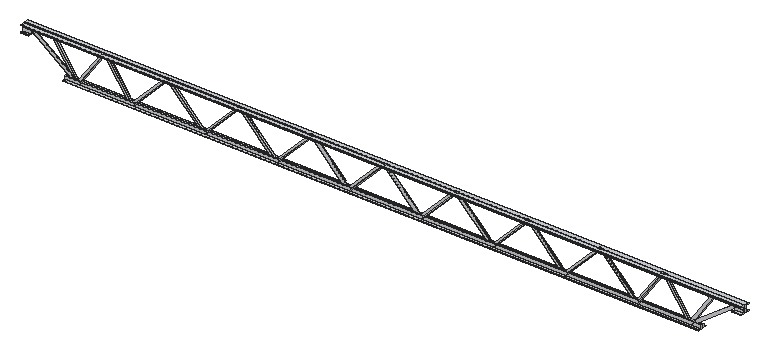
Revit family
Parameters (values of type "24LH05")
  가변 패널 [instance] = (Length - (끝 패널 * 2) - IntPanelArrayLength) / 2  # 915 mm
  시작 간격띄우기 [instance] = 0 mm
  시작 확장 [instance] = 0 mm
  M = 19
  웹 두께 = 25 mm
  좌석 길이 = 150 mm
  좌석 깊이 = 125 mm
  렌더링 재료 = none
  IntPanelWidth [instance] = 깊이 * 2  # 1220 mm
  IntPanelArrayNum [instance] = (PanelAreaLength / IntPanelWidth) - 2  # 7
  IntPanelArrayLength [instance] = IntPanelArrayNum * IntPanelWidth  # 8540 mm
  PanelAreaLength [instance] = Length - (끝 패널 * 2)  # 10370 mm
  끝 패널 = 1.5 * 깊이  # 915 mm
  끝 간격띄우기 [instance] = 0 mm
  끝 확장 [instance] = 0 mm
  현재 다리 = 63.5 mm
  현재 두께 = 12.5 mm
  Assembly Code = ""
  Length [instance] = 12200 mm
  깊이 = 610 mm
Types (3, lengths in mm): name | 가변 패널 | M | IntPanelWidth | IntPanelArrayNum | IntPanelArrayLength | PanelAreaLength | 끝 패널 | 깊이
  (no name) | 915 | 19 | 1220 | 7 | 8540 | 10370 | 915 | 610
  24LH05 | 915 | 19 | 1220 | 7 | 8540 | 10370 | 915 | 610
  40LH10 | 1528 | 31 | 2032 | 3 | 6096 | 9152 | 1524 | 1016
Reference planes
  plane 1 "중심(앞/뒤)": y = 0
  plane 2: z = 0
  plane 3 "중심(왼쪽/오른쪽)": x = 4.61
  plane 4 "왼쪽 부재": x = -3551.39
  plane 5 "오른쪽 부재": x = 3560.61
  plane 6: y = 76
  plane 7: y = -76
  plane 8: z = 305
  plane 9: z = -305
  plane 10 "왼쪽": x = -6095.39
  plane 11 "기호를 왼쪽에 부착": x = -3500.59
  plane 12 "기호를 오른쪽에 부착": x = 3509.81
  plane 13 "오른쪽": x = 6104.61
  plane 14: z = 180
  plane 15: x = -5945.39
  plane 16: x = -5180.39
  plane 17: x = -5380.39
  plane 18: x = 5954.61
  plane 19: x = 5189.61
  plane 20: y = 12.5
  plane 21: y = -12.5
  plane 22: z = 241.5
  plane 23: z = -241.5
  plane 24: x = 5389.61
  plane 25: x = -5562.89
  plane 26: x = -4265.39
  plane 27: x = 4274.61
  plane 28: x = 5572.11
  plane 29: z = -298.65
  plane 30: z = 298.65
  plane 31: x = -6095.39
  plane 32: x = 6104.61
  plane 33: x = -6095.39
  plane 34: x = 6104.61
Forms (mm)
  Extrusion 1, solid, material <- "렌더링 재료", detail levels medium+fine
    sketch origin (4.61, 0, 0) x (0, 1, 0) y (0, 0, 1)
      loop
        line (76, 305) -> (12.5, 305) -> (12.5, 241.5) -> (25, 241.5) -> (25, 292.5) -> (76, 292.5) -> (76, 305)
      loop
        line (-76, 305) -> (-76, 292.5) -> (-25, 292.5) -> (-25, 241.5) -> (-12.5, 241.5) -> (-12.5, 305) -> (-76, 305)
    from -6100 to 6100
  Extrusion 2, solid, material <- "렌더링 재료", detail levels medium+fine
    sketch origin (4.61, 0, 0) x (0, 1, 0) y (0, 0, 1)
      loop
        line (12.5, -241.5) -> (12.5, -305) -> (76, -305) -> (76, -292.5) -> (25, -292.5) -> (25, -241.5) -> (12.5, -241.5)
      loop
        line (-12.5, -241.5) -> (-25, -241.5) -> (-25, -292.5) -> (-76, -292.5) -> (-76, -305) -> (-12.5, -305) -> (-12.5, -241.5)
    from -5385 to 5385
  Extrusion 3, solid, material <- "렌더링 재료", detail levels medium+fine
    sketch origin (4.61, 0, 0) x (0, 1, 0) y (0, 0, 1)
      loop
        line (76, 180) -> (76, 192.5) -> (25, 192.5) -> (25, 241.5) -> (12.5, 241.5) -> (12.5, 180) -> (76, 180)
      loop
        line (-76, 180) -> (-12.5, 180) -> (-12.5, 241.5) -> (-25, 241.5) -> (-25, 192.5) -> (-76, 192.5) -> (-76, 180)
    from 5950 to 6100
  Extrusion 4, solid, material <- "렌더링 재료", detail levels medium+fine
    sketch origin (4.61, 0, 0) x (0, 1, 0) y (0, 0, 1)
      loop
        line (-76, 180) -> (-12.5, 180) -> (-12.5, 241.5) -> (-25, 241.5) -> (-25, 192.5) -> (-76, 192.5) -> (-76, 180)
      loop
        line (12.5, 180) -> (76, 180) -> (76, 192.5) -> (25, 192.5) -> (25, 241.5) -> (12.5, 241.5) -> (12.5, 180)
    from -6100 to -5950
  Sweep 5, solid, material <- "렌더링 재료", detail levels fine
    path in 3D
      loop
        line (5189.61, 0, -298.65) -> (5954.61, 0, 241.5)
    profile "웹-프로파일 : 웹-프로파일" origin (5572.11, 0, -28.575) x (-0.57679, 0, 0.816892) y (0, -1, 0)
      loop
        line (-25.4, 18.85) -> (-25.4, 6.15) -> (25.4, 6.15) -> (25.4, 18.85) -> (-25.4, 18.85)
  Sweep 6, solid, material <- "렌더링 재료", detail levels fine
    path in 3D
      loop
        line (5569.207, 0, 241.5) -> (5189.61, 0, -298.65)
    profile "웹-프로파일 : 웹-프로파일" origin (5379.409, 0, -28.575) x (0.818169, 0, -0.574978) y (0, -1, 0)
      loop
        line (-25.4, 6.35) -> (-25.4, -6.35) -> (25.4, -6.35) -> (25.4, 6.35) -> (-25.4, 6.35)
  Sweep 7, solid, material <- "렌더링 재료", detail levels fine
    path in 3D
      loop
        line (-5945.39, 0, 241.5) -> (-5180.39, 0, -298.65)
    profile "웹-프로파일 : 웹-프로파일" origin (-5562.89, 0, -28.575) x (0.57679, 0, 0.816892) y (0, -1, 0)
      loop
        line (-25.4, 6.35) -> (-25.4, -6.35) -> (25.4, -6.35) -> (25.4, 6.35) -> (-25.4, 6.35)
  Sweep 8, solid, material <- "렌더링 재료", detail levels fine
    path in 3D
      loop
        line (-5180.39, 0, -298.65) -> (-5562.89, 0, 241.5)
    profile "웹-프로파일 : 웹-프로파일" origin (-5371.64, 0, -28.575) x (-0.8161, 0, -0.57791) y (0, -1, 0)
      loop
        line (-25.4, 6.35) -> (-25.4, -6.35) -> (25.4, -6.35) -> (25.4, 6.35) -> (-25.4, 6.35)
Lines and regions (mm)
  symbolic lines, style "StructuralFraming", detail levels coarse
    curve 1: line (0, 76, 305) -> (0, 12.5, 305)
    curve 2: line (0, -76, -305) -> (0, -12.5, -305)
    curve 14: line (0, 12.5, -305) -> (0, 76, -305)
    curve 15: line (4.61, 12.5, -305) -> (4.61, 12.5, -241.5)
    curve 16: line (4.61, -12.5, -305) -> (4.61, -12.5, -241.5)
    curve 17: line (4.61, -12.5, 305) -> (4.61, -12.5, 241.5)
    curve 18: line (4.61, 12.5, 305) -> (4.61, 12.5, 241.5)
    curve 19: line (0, -12.5, 305) -> (0, -76, 305)
  symbolic lines, style "StructuralFraming", detail levels coarse+medium
    curve 3: line (0, 0, -305) -> (0, 0, 305)
  reference lines
    curve 4: line (-3350.59, 0, -428.508) -> (-3350.59, 0, 384.692)
    curve 5: line (-2435.59, 0, -434.858) -> (-2435.59, 0, 384.692)
    curve 6: line (3359.81, 0, -375.588) -> (3359.81, 0, 386.812)
    curve 7: line (2444.81, 0, -502.588) -> (2444.81, 0, 386.812)
  model lines, style "웹 조이스트", detail levels coarse
    curve 8: line (2444.81, 0, -305) -> (-2435.59, 0, -305)
    curve 9: line (3509.81, 0, 305) -> (-3500.59, 0, 305)
    curve 20: line (-2435.59, 0, -305) -> (-3350.59, 0, 305)
    curve 21: line (2444.81, 0, -305) -> (3359.81, 0, 305)
  model lines, style "StructuralFraming", detail levels medium
    curve 10: line (-5180.39, 0, -298.65) -> (-5562.89, 0, 241.5)
    curve 11: line (-5945.39, 0, 241.5) -> (-5180.39, 0, -298.65)
    curve 12: line (5569.207, 0, 241.5) -> (5189.61, 0, -298.65)
    curve 13: line (5189.61, 0, -298.65) -> (5954.61, 0, 241.5)
  sketch lines
    curve 22: line (5189.61, 0, -298.65) -> (5954.61, 0, 241.5)
    curve 23: line (5569.207, 0, 241.5) -> (5189.61, 0, -298.65)
    curve 24: line (-5945.39, 0, 241.5) -> (-5180.39, 0, -298.65)
    curve 25: line (-5180.39, 0, -298.65) -> (-5562.89, 0, 241.5)
  symbolic lines, style "StructuralFraming", detail levels fine
    curve 26: line (4.61, 12.5, 241.5) -> (4.61, 12.5, -241.5)
    curve 27: line (4.61, -12.5, -241.5) -> (4.61, -12.5, 241.5)
    curve 28: line (4.61, 12.5, -298.65) -> (4.61, -12.5, -298.65)
  symbolic lines, detail levels fine
    curve 29: line (4.61, 12.5, 298.65) -> (4.61, -12.5, 298.65)
Dimensions and locks
  equal spacing: plane 9, plane 2, plane 8
  "Length": plane 10 "왼쪽" to plane 13 "오른쪽"
  equal spacing: plane 10 "왼쪽", plane 3 "중심(왼쪽/오른쪽)", plane 13 "오른쪽"
  "좌석 길이": curve 4 to plane 11 "기호를 왼쪽에 부착"
  "끝 패널": curve 5 to curve 4
  "좌석 길이": curve 6 to plane 12 "기호를 오른쪽에 부착"
  "끝 패널": curve 6 to curve 7
  "깊이": plane 9 to plane 8
  "좌석 깊이": plane 8 to plane 14
  locked: plane 17 to plane 16 at 200
  "끝 패널": plane 10 "왼쪽" to plane 16
  "끝 패널": plane 13 "오른쪽" to plane 19
  "웹 두께": plane 20 to plane 21
  equal spacing: plane 20, plane 1 "중심(앞/뒤)", plane 21
  "현재 다리": plane 21 to plane 7
  "현재 다리": plane 6 to plane 20
  "현재 다리": plane 9 to plane 23
  "현재 다리": plane 22 to plane 8
  "현재 두께": plane 8 to Extrusion 1 sketch curve
  "현재 두께": Extrusion 1 sketch curve to plane 8
  "현재 두께": plane 21 to Extrusion 1 sketch curve
  "현재 두께": Extrusion 1 sketch curve to plane 20
  "현재 두께": plane 9 to Extrusion 2 sketch curve  (x2)
  "현재 두께": Extrusion 2 sketch curve to plane 20
  "현재 두께": plane 21 to Extrusion 2 sketch curve
  locked: plane 19 to plane 24 at 200
  "현재 두께": plane 14 to Extrusion 3 sketch curve  (x2)
  "현재 두께": plane 21 to Extrusion 3 sketch curve
  "현재 두께": Extrusion 3 sketch curve to plane 20
  "현재 두께": plane 14 to Extrusion 4 sketch curve  (x2)
  "현재 두께": Extrusion 4 sketch curve to plane 20
  "현재 두께": plane 21 to Extrusion 4 sketch curve
  locked: plane 29 to plane 9 at 6.35
  locked: plane 8 to plane 30 at 6.35
  equal spacing: plane 16, plane 25, plane 15
  equal spacing: plane 18, plane 28, plane 19
  "IntPanelArrayLength": plane 27 to plane 26
  equal spacing: group 1, group 3, group 4, group 5, group 6, group 7, group 2  (x3)
  equal spacing: plane 27, plane 3 "중심(왼쪽/오른쪽)", plane 26
  "시작 간격띄우기": plane 10 "왼쪽" to plane 33
  "좌석 길이": plane 33 to plane 15
  "시작 확장": plane 31 to plane 33
  "끝 간격띄우기": plane 13 "오른쪽" to plane 34
  "시작 확장": plane 32 to plane 34
  "좌석 길이": plane 34 to plane 18
  aligned and locked: curve 8 to plane 9
  aligned and locked: plane 11 "기호를 왼쪽에 부착" to curve 9
  aligned and locked: curve 5 to curve 8
  aligned and locked: curve 7 to curve 8
  aligned and locked: plane 8 to Extrusion 1 sketch curve
  aligned and locked: Extrusion 1 sketch curve to plane 8
  aligned and locked: plane 6 to Extrusion 1 sketch curve
  aligned and locked: plane 7 to Extrusion 1 sketch curve
  aligned and locked: Extrusion 1 sketch curve to plane 22
  aligned and locked: plane 22 to Extrusion 1 sketch curve
  aligned and locked: plane 9 to Extrusion 2 sketch curve
  aligned and locked: Extrusion 2 sketch curve to plane 9
  aligned and locked: plane 6 to Extrusion 2 sketch curve
  aligned and locked: plane 7 to Extrusion 2 sketch curve
  aligned and locked: plane 20 to Extrusion 2 sketch curve
  aligned and locked: plane 21 to Extrusion 2 sketch curve
  aligned and locked: Extrusion 2 sketch curve to plane 23
  aligned and locked: plane 23 to Extrusion 2 sketch curve
  aligned and locked: plane 24 to Extrusion 2
  aligned and locked: plane 17 to Extrusion 2
  aligned and locked: Extrusion 3 sketch curve to plane 7
  aligned and locked: plane 14 to Extrusion 3 sketch curve
  aligned and locked: Extrusion 3 sketch curve to plane 14
  aligned and locked: Extrusion 3 sketch curve to plane 6
  aligned and locked: Extrusion 3 sketch curve to plane 21
  aligned and locked: Extrusion 3 sketch curve to plane 20
  aligned and locked: Extrusion 3 sketch curve to plane 22
  aligned and locked: plane 22 to Extrusion 3 sketch curve
  aligned and locked: Extrusion 3 to plane 18
  aligned and locked: plane 6 to Extrusion 4 sketch curve
  aligned and locked: Extrusion 4 sketch curve to plane 7
  aligned and locked: Extrusion 4 sketch curve to plane 20
  aligned and locked: plane 21 to Extrusion 4 sketch curve
  aligned and locked: plane 22 to Extrusion 4 sketch curve  (x2)
  aligned and locked: Extrusion 4 sketch curve to plane 14  (x2)
  aligned and locked: plane 15 to Extrusion 4
  aligned and locked: curve 15 to Extrusion 2
  aligned and locked: curve 2 to curve 16
  aligned and locked: Extrusion 2 to curve 16
  aligned and locked: Extrusion 1 to curve 17
  aligned and locked: curve 17 to Extrusion 1
  aligned and locked: curve 18 to Extrusion 1  (x2)
  aligned and locked: curve 1 to Extrusion 1
  aligned and locked: plane 1 "중심(앞/뒤)" to nested 1
  aligned and locked: plane 26 to nested 1
  aligned and locked: plane 27 to nested 2
  aligned and locked: nested 4 to plane 1 "중심(앞/뒤)"
  aligned and locked: nested 4 to plane 16
  aligned and locked: nested 5 to plane 19
  aligned and locked: plane 12 "기호를 오른쪽에 부착" to curve 9
  aligned and locked: Extrusion 4 to curve 11
  aligned and locked: curve 13 to Extrusion 3
  aligned and locked: plane 25 to curve 10
  aligned and locked: curve 4 to curve 20
  aligned and locked: curve 6 to curve 21
  aligned and locked: plane 31 to Extrusion 1
  aligned and locked: plane 31 to Extrusion 4
  aligned and locked: Extrusion 1 to plane 32
  aligned and locked: Extrusion 3 to plane 32
Automatic sketch dimensions
  Extrusion 1 sketch curve to plane 21 = 0 mm
  Extrusion 1 sketch curve to plane 20 = 0 mm
  curve 14 to plane 6 = 0 mm
  curve 1 to plane 6 = 0 mm
  curve 14 to plane 9 = 0 mm
  curve 14 to plane 20 = 0 mm
  curve 1 to plane 20 = 0 mm
  curve 19 to plane 8 = 0 mm
  curve 19 to plane 21 = 0 mm
  curve 19 to plane 7 = 0 mm
  plane 9 to curve 7 = 197.588 mm
  plane 9 to curve 5 = 129.858 mm
  plane 9 to curve 4 = 123.508 mm
  plane 9 to curve 6 = 70.588 mm
  curve 5 to plane 8 = 79.692 mm
  curve 4 to plane 8 = 79.692 mm
  curve 7 to plane 8 = 81.812 mm
  curve 6 to plane 8 = 81.812 mm
  curve 11 to plane 15 = 0 mm
  curve 10 to plane 16 = 0 mm
  curve 12 to plane 19 = 0 mm
  curve 12 to plane 22 = 0 mm
  curve 13 to plane 18 = 0 mm
  curve 10 to plane 29 = 0 mm
  curve 13 to plane 29 = 0 mm
  curve 10 to plane 22 = 0 mm
  curve 20 to plane 8 = 0 mm
  plane 28 to curve 12 = 2.903 mm
  curve 2 to plane 7 = 0 mm
  curve 2 to plane 9 = 0 mm
  curve 2 to plane 21 = 0 mm
  curve 3 to plane 1 "중심(앞/뒤)" = 0 mm
  curve 3 to plane 9 = 0 mm
  curve 15 to plane 9 = 0 mm
  curve 28 to plane 29 = 0 mm
  curve 16 to plane 23 = 0 mm
  curve 26 to plane 23 = 0 mm
  curve 26 to plane 22 = 0 mm
  curve 17 to plane 22 = 0 mm
  curve 29 to plane 30 = 0 mm
  curve 3 to plane 8 = 0 mm
Nested families
  nested 1: "경사 웨브" at (-4265.39, 0, 0), type "경사 웨브"
  nested 2: "경사 웨브" at (3054.61, 0, 0), type "경사 웨브"
  nested 3: "경사 웨브" at (-3045.39, 0, 0), type "경사 웨브"
  nested 4: "경사 웨브-변수" at (-5180.39, 0, 0), PanelWidth <- "가변 패널", type "경사 웨브-변수"
    with PanelWidth 915 mm
  nested 5: "경사 웨브-변수" at (4274.61, 0, 0), PanelWidth <- "가변 패널", type "경사 웨브-변수"
    with PanelWidth 915 mm
  nested 6: "경사 웨브" at (-1825.39, 0, 0), type "경사 웨브"
  nested 7: "경사 웨브" at (-605.39, 0, 0), type "경사 웨브"
  nested 8: "경사 웨브" at (614.61, 0, 0), type "경사 웨브"
  nested 9: "경사 웨브" at (1834.61, 0, 0), type "경사 웨브"
Definition of nested family "경사 웨브"
  Parameters (values of type "경사 웨브")
    웹 재료 = none
    웹 두께 = 두께 / 2  # 12.5 mm
    웹 간격띄우기 = 웹 다리 / 2  # 25.4 mm
    웹 다리 = 50.8 mm
    두께 = 25 mm
    PanelHeight = 610 mm
    PanelWidth = 1220 mm
    Assembly Code = ""
  Reference planes
    plane 1 "중심(앞/뒤)": y = 0
    plane 2: z = 0
    plane 3 "중심(왼쪽/오른쪽)": x = 0
    plane 4: x = 1220
    plane 5: x = 610
    plane 6: z = -305
    plane 7: z = -279.6
    plane 8: z = 280
    plane 9: z = 305
    plane 10: y = -12.5
    plane 11: y = 12.5
    plane 12: z = 241.5
    plane 13: z = -241.5
  Forms (mm)
    Sweep 1, solid, material <- "웹 재료", detail levels fine
      path in 3D
        loop
          line (0, 0, -279.6) -> (25.4, 0, -279.6) -> (584.6, 0, 280) -> (635.4, 0, 280)
      profile origin (12.7, 0, -279.6) x (0, 0, 1) y (0, -1, 0)
        loop
          line (25.4, 0) -> (25.4, 12.5) -> (-25.4, 12.5) -> (-25.4, 0) -> (25.4, 0)
    Sweep 2, solid, material <- "웹 재료", detail levels fine
      path in 3D
        loop
          line (1220, 0, -279.6) -> (1194.6, 0, -279.6) -> (635.4, 0, 280) -> (584.6, 0, 280)
      profile origin (1207.3, 0, -279.6) x (0, 0, -1) y (0, -1, 0)
        loop
          line (-25.4, -12.5) -> (25.4, -12.5) -> (25.4, 0) -> (-25.4, 0) -> (-25.4, -12.5)
    Sweep 3, solid, material <- "웹 재료", detail levels fine
      path in 3D
        loop
          line (99.404, -12.5, -241.477) -> (582.431, -12.5, 241.895)
      profile origin (340.917, -12.5, 0.209) x (-0.70736, 0, 0.706854) y (0, -1, 0)
        loop
          line (0, 0) -> (12.5, 0) -> (12.5, 38.3) -> (0, 38.3) -> (0, 0)
    Sweep 4, solid, material <- "웹 재료", detail levels fine
      path in 3D
        loop
          line (1120.596, 12.5, -241.477) -> (637.569, 12.5, 241.895)
      profile origin (879.083, 12.5, 0.209) x (0.70736, 0, 0.706854) y (0, 1, 0)
        loop
          line (0, 0) -> (12.5, 0) -> (12.5, 38.3) -> (0, 38.3) -> (0, 0)
  Cuts and joins
    joined: Sweep 1, Sweep 3
    joined: Sweep 2, Sweep 4
  Lines and regions (mm)
    model lines, style "InvisibleLines"
      curve 1: line (0, 0, -305) -> (0, 0, 305)
      curve 2: line (0, 0, 305) -> (1220, 0, 305)
      curve 3: line (1220, 0, 305) -> (1220, 0, -305)
      curve 4: line (1220, 0, -305) -> (0, 0, -305)
    model lines, style "StructuralFraming", detail levels medium
      curve 5: line (584.6, 0, 280) -> (635.4, 0, 280)
      curve 6: line (0, 0, -279.6) -> (25.4, 0, -279.6)
      curve 7: line (1220, 0, -279.6) -> (1194.6, 0, -279.6)
      curve 8: line (25.4, 0, -279.6) -> (584.6, 0, 280)
      curve 9: line (635.4, 0, 280) -> (1194.6, 0, -279.6)
    sketch lines
      curve 10: line (0, 0, -279.6) -> (25.4, 0, -279.6)
      curve 11: line (25.4, 0, -279.6) -> (584.6, 0, 280)
      curve 12: line (584.6, 0, 280) -> (635.4, 0, 280)
      curve 13: line (1220, 0, -279.6) -> (1194.6, 0, -279.6)
      curve 14: line (635.4, 0, 280) -> (1194.6, 0, -279.6)
      curve 15: line (584.6, 0, 280) -> (635.4, 0, 280)
      curve 16: line (99.404, -12.5, -241.477) -> (582.431, -12.5, 241.895)
      curve 17: line (1120.596, 12.5, -241.477) -> (637.569, 12.5, 241.895)
  Dimensions and locks
    "PanelWidth": plane 4 to plane 3 "중심(왼쪽/오른쪽)"
    equal spacing: plane 4, plane 5, plane 3 "중심(왼쪽/오른쪽)"
    plane 7 to plane 6 = 25.4 mm
    "두께": plane 9 to plane 8
    "PanelHeight": plane 9 to plane 6
    equal spacing: plane 9, plane 2, plane 6
    "두께": plane 11 to plane 10
    equal spacing: plane 11, plane 1 "중심(앞/뒤)", plane 10
    locked: plane 9 to plane 12 at 63.5
    plane 13 to plane 6 = 63.5 mm
    "웹 간격띄우기": plane 7 to plane 6
    "웹 간격띄우기": curve 6 to plane 3 "중심(왼쪽/오른쪽)"
    "웹 간격띄우기": curve 7 to plane 4
    "웹 간격띄우기": plane 5 to curve 5
    "웹 간격띄우기": curve 5 to plane 5
    "웹 다리": Sweep 1 sketch curve to Sweep 1 sketch curve
    equal spacing: Sweep 1 sketch curve, plane 7, Sweep 1 sketch curve
    equal spacing: Sweep 2 sketch curve, profile plane, Sweep 2 sketch curve
    "웹 다리": Sweep 2 sketch curve to Sweep 2 sketch curve
    "웹 다리": plane 1 "중심(앞/뒤)" to Sweep 3 sketch curve
    "웹 두께": Sweep 3 sketch curve to Sweep 3 sketch curve
    "웹 다리": plane 1 "중심(앞/뒤)" to Sweep 4 sketch curve
    "웹 두께": Sweep 4 sketch curve to Sweep 4 sketch curve
    aligned and locked: plane 8 to curve 5
    aligned and locked: curve 7 to plane 7
    aligned and locked: plane 7 to curve 6
    aligned and locked: plane 9 to curve 2
    aligned and locked: plane 10 to Sweep 1 sketch curve
    aligned and locked: Sweep 1 sketch curve to plane 1 "중심(앞/뒤)"
    aligned and locked: Sweep 2 sketch curve to plane 11
    aligned and locked: profile plane to Sweep 2 sketch curve
    aligned and locked: Sweep 1 to curve 16
    aligned and locked: Sweep 3 sketch curve to profile plane
    aligned and locked: plane 10 to Sweep 3 sketch curve
    aligned and locked: Sweep 4 sketch curve to plane 11
    aligned and locked: profile plane to Sweep 4 sketch curve
  Automatic sketch dimensions
    curve 1 to plane 3 "중심(왼쪽/오른쪽)" = 0 mm
    curve 3 to plane 4 = 0 mm
    curve 4 to plane 6 = 0 mm
Definition of nested family "경사 웨브-변수"
  Parameters (values of type "경사 웨브-변수")
    웹 재료 = none
    웹 두께 = 두께 / 2  # 12.5 mm
    웹 간격띄우기 = 웹 다리 / 2  # 25.4 mm
    웹 다리 = 50.8 mm
    두께 = 25 mm
    PanelHeight = 610 mm
    PanelWidth [instance] = 1524 mm
    Assembly Code = ""
  Reference planes
    plane 1 "중심(앞/뒤)": y = 0
    plane 2: z = 0
    plane 3 "중심(왼쪽/오른쪽)": x = 0
    plane 4: x = 1524
    plane 5: x = 762
    plane 6: z = -305
    plane 7: z = -279.6
    plane 8: z = 280
    plane 9: z = 305
    plane 10: y = -12.5
    plane 11: y = 12.5
    plane 12: z = 241.5
    plane 13: z = -241.5
  Forms (mm)
    Sweep 1, solid, material <- "웹 재료", detail levels fine
      path in 3D
        loop
          line (0, 0, -279.6) -> (25.4, 0, -279.6) -> (736.6, 0, 280) -> (787.4, 0, 280)
      profile origin (12.7, 0, -279.6) x (0, 0, 1) y (0, -1, 0)
        loop
          line (25.4, 0) -> (25.4, 12.5) -> (-25.4, 12.5) -> (-25.4, 0) -> (25.4, 0)
    Sweep 2, solid, material <- "웹 재료", detail levels fine
      path in 3D
        loop
          line (1524, 0, -279.6) -> (1498.6, 0, -279.6) -> (787.4, 0, 280) -> (736.6, 0, 280)
      profile origin (1511.3, 0, -279.6) x (0, 0, -1) y (0, -1, 0)
        loop
          line (-25.4, -12.5) -> (25.4, -12.5) -> (25.4, 0) -> (-25.4, 0) -> (-25.4, -12.5)
    Sweep 3, solid, material <- "웹 재료", detail levels fine
      path in 3D
        loop
          line (104.77, -12.5, -249.469) -> (731.28, -12.5, 243.494)
      profile origin (418.025, -12.5, -2.988) x (-0.618368, 0, 0.785889) y (0, -1, 0)
        loop
          line (0, 0) -> (12.5, 0) -> (12.5, 38.3) -> (0, 38.3) -> (0, 0)
    Sweep 4, solid, material <- "웹 재료", detail levels fine
      path in 3D
        loop
          line (1419.23, 12.5, -249.469) -> (792.72, 12.5, 243.494)
      profile origin (1105.975, 12.5, -2.988) x (0.618368, 0, 0.785889) y (0, 1, 0)
        loop
          line (0, 0) -> (12.5, 0) -> (12.5, 38.3) -> (0, 38.3) -> (0, 0)
  Cuts and joins
    joined: Sweep 1, Sweep 3
    joined: Sweep 2, Sweep 4
  Lines and regions (mm)
    model lines, style "InvisibleLines"
      curve 1: line (0, 0, -305) -> (0, 0, 305)
      curve 2: line (0, 0, 305) -> (1524, 0, 305)
      curve 3: line (1524, 0, 305) -> (1524, 0, -305)
      curve 4: line (1524, 0, -305) -> (0, 0, -305)
    model lines, style "StructuralFraming", detail levels medium
      curve 5: line (736.6, 0, 280) -> (787.4, 0, 280)
      curve 6: line (0, 0, -279.6) -> (25.4, 0, -279.6)
      curve 7: line (1524, 0, -279.6) -> (1498.6, 0, -279.6)
      curve 8: line (25.4, 0, -279.6) -> (736.6, 0, 280)
      curve 9: line (787.4, 0, 280) -> (1498.6, 0, -279.6)
    sketch lines
      curve 10: line (0, 0, -279.6) -> (25.4, 0, -279.6)
      curve 11: line (25.4, 0, -279.6) -> (736.6, 0, 280)
      curve 12: line (736.6, 0, 280) -> (787.4, 0, 280)
      curve 13: line (1524, 0, -279.6) -> (1498.6, 0, -279.6)
      curve 14: line (787.4, 0, 280) -> (1498.6, 0, -279.6)
      curve 15: line (736.6, 0, 280) -> (787.4, 0, 280)
      curve 16: line (104.77, -12.5, -249.469) -> (731.28, -12.5, 243.494)
      curve 17: line (1419.23, 12.5, -249.469) -> (792.72, 12.5, 243.494)
  Dimensions and locks
    "PanelWidth": plane 4 to plane 3 "중심(왼쪽/오른쪽)"
    equal spacing: plane 4, plane 5, plane 3 "중심(왼쪽/오른쪽)"
    plane 7 to plane 6 = 25.4 mm
    "두께": plane 9 to plane 8
    "PanelHeight": plane 9 to plane 6
    equal spacing: plane 9, plane 2, plane 6
    "두께": plane 11 to plane 10
    equal spacing: plane 11, plane 1 "중심(앞/뒤)", plane 10
    locked: plane 9 to plane 12 at 63.5
    plane 13 to plane 6 = 63.5 mm
    "웹 간격띄우기": plane 7 to plane 6
    "웹 간격띄우기": curve 6 to plane 3 "중심(왼쪽/오른쪽)"
    "웹 간격띄우기": curve 7 to plane 4
    "웹 간격띄우기": plane 5 to curve 5
    "웹 간격띄우기": curve 5 to plane 5
    "웹 다리": Sweep 1 sketch curve to Sweep 1 sketch curve
    equal spacing: Sweep 1 sketch curve, plane 7, Sweep 1 sketch curve
    equal spacing: Sweep 2 sketch curve, profile plane, Sweep 2 sketch curve
    "웹 다리": Sweep 2 sketch curve to Sweep 2 sketch curve
    "웹 다리": plane 1 "중심(앞/뒤)" to Sweep 3 sketch curve
    "웹 두께": Sweep 3 sketch curve to Sweep 3 sketch curve
    "웹 다리": plane 1 "중심(앞/뒤)" to Sweep 4 sketch curve
    "웹 두께": Sweep 4 sketch curve to Sweep 4 sketch curve
    aligned and locked: plane 8 to curve 5
    aligned and locked: curve 7 to plane 7
    aligned and locked: plane 7 to curve 6
    aligned and locked: plane 9 to curve 2
    aligned and locked: plane 10 to Sweep 1 sketch curve
    aligned and locked: Sweep 1 sketch curve to plane 1 "중심(앞/뒤)"
    aligned and locked: Sweep 2 sketch curve to plane 11
    aligned and locked: profile plane to Sweep 2 sketch curve
    aligned and locked: Sweep 1 to curve 16
    aligned and locked: Sweep 3 sketch curve to profile plane
    aligned and locked: plane 10 to Sweep 3 sketch curve
    aligned and locked: Sweep 4 sketch curve to plane 11
    aligned and locked: profile plane to Sweep 4 sketch curve
  Automatic sketch dimensions
    curve 1 to plane 3 "중심(왼쪽/오른쪽)" = 0 mm
    curve 3 to plane 4 = 0 mm
    curve 4 to plane 6 = 0 mm
